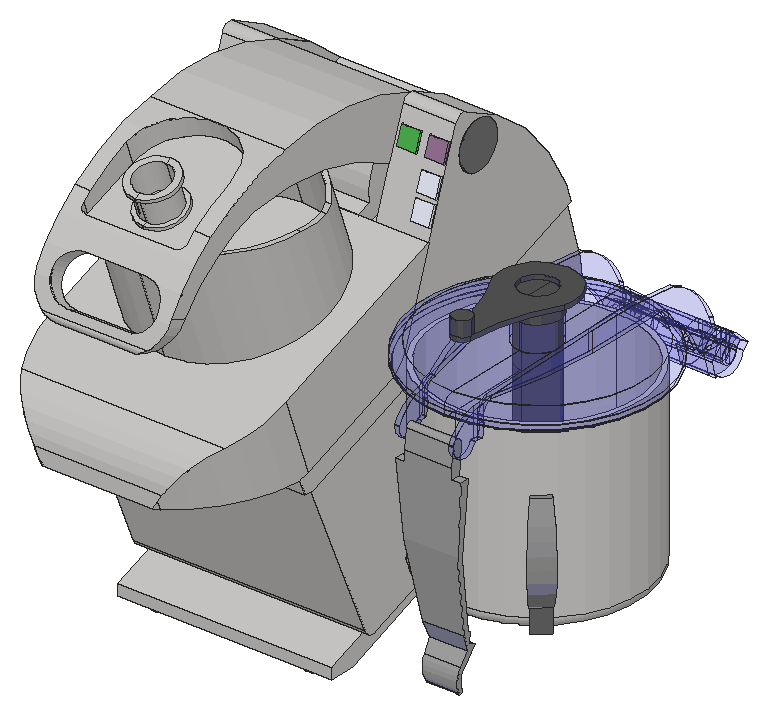
Revit family "QF_ELECTROLUXPROFESSIONAL_600485_TRK55Y", category Specialty Equipment, Revit 2018 (continued)
Definition of nested family "QF_600434_BOWL"
  Lines and regions (mm)
    symbolic lines
      curve 64: line (-42.008, -210.888, 0) -> (-42.008, -197.61, 0)
      curve 65: arc (-128, -18.211, 0) -> (-101.973, 25.34, 0) -> (-60.771, 54.948, 0) r 124.909
      curve 66: arc (-128, -100.142, 0) -> (-134.909, -59.177, 0) -> (-128, -18.211, 0) r 124.909
      curve 67: line (-108, -177.764, 0) -> (-49.233, -177.764, 0)
      curve 68: line (-128, 191, 0) -> (-128, -17.764, 0)
      curve 69: line (29.233, -177.764, 0) -> (108, -177.764, 0)
      curve 70: line (-128, -97.764, 0) -> (-128, -157.764, 0)
      curve 71: line (-108, 211, 0) -> (108, 211, 0)
      curve 72: arc (-128, -157.764, 0) -> (-122.142, -171.906, 0) -> (-108, -177.764, 0) r 20
      curve 73: arc (108, -177.764, 0) -> (122.142, -171.906, 0) -> (128, -157.764, 0) r 20
      curve 74: arc (128, 191, 0) -> (122.142, 205.142, 0) -> (108, 211, 0) r 20
      curve 75: arc (-108, 211, 0) -> (-122.142, 205.142, 0) -> (-128, 191, 0) r 20
      curve 76: line (45.852, 123.86, 0) -> (-71.073, 123.86, 0)
      curve 77: line (45.852, 137.378, 0) -> (-65.852, 137.378, 0)
      curve 78: line (45.852, 143.082, 0) -> (-65.852, 143.082, 0)
      curve 79: line (53.607, 123.86, 0) -> (45.852, 123.86, 0)
      curve 80: line (45.852, 123.86, 0) -> (45.852, 170.216, 0)
      curve 81: line (45.852, 170.216, 0) -> (-65.852, 170.216, 0)
      curve 82: line (-65.852, 170.216, 0) -> (-65.852, 123.86, 0)
      curve 83: line (102.599, 101.361, 0) -> (117.599, 101.361, 0)
  Dimensions and locks
    plane 4 "TOP" to level = 705.4 mm  (x2)
    plane 7 "LEFT" to plane 3 "Center (Left/Right)" to plane 8 "RIGHT" = 128 mm, 128 mm
    plane 6 "BACK" to plane 1 "Center (Front/Back)" to plane 5 "FRONT" = 211 mm, 211 mm
    plane 6 "BACK" to plane 5 "FRONT" = 422 mm
    plane 7 "LEFT" to plane 8 "RIGHT" = 256 mm
    plane 9 "CenterX" to plane 3 "Center (Left/Right)" = 10 mm
    plane 12 to level = 510 mm
    aligned and locked: level to plane 2
    aligned and locked: Extrusion 5 to cut or joined group of Extrusion 8, Extrusion 9, Extrusion 11, Extrusion 20
